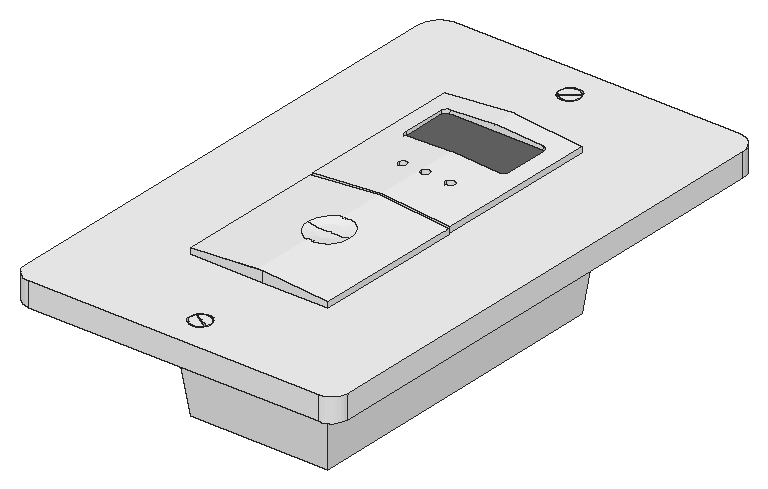
Revit family "1801a_td300", category Communication Devices, host Face, Revit 2021
Family settings
  Host = Face
  Maintain Annotation Orientation = No
  Round Connector Dimension = Use Diameter
  Part Type = Normal
  OmniClass Number = 23.85.80.11.27
  OmniClass Title = Lighting Controls
  Cut with Voids When Loaded = No
  Shared = Yes
  Room Calculation Point = No
Parameters
  Warranty = "5-Years Warranty"  # constant formula
  Type Comments = "POWER PACKS AND RELAYS"  # constant formula
  Power Requirement = "120/230/277VAC; 50/60Hz"  # constant formula
  Product Page URL = ""
  Product Documentation Link = ""
  URL = "https://www.currentlighting.com/nxlightingcontrols"
  Model = "Digital Programmable Timer"  # constant formula
  Manufacturer = " NX Lighting Controls"  # constant formula
  Width = 2.75"
  Features = "Zero Arc Point Switching\r\n• No minimum load requirement\r\n• Adjustable time delay and sensitivity\r\n• Walk test indicator\r\n• Dual 120/277 VAC operation\r\n• UL and cUL listed\r\n• Title 24 compliant\r\n• Five-year limited warranty\r\n• 120-277 Vac"  # constant formula
  Black = Paint - Carbon Black
  Height = 4.50"
  White = Paint -  Matte White
  Description = "With its aesthetically pleasing features, the TD300 combines style with functionality as it provides energy saving control of incandescent and fluorescent lighting, as well as certain motor loads such as fans, hot tub heaters and circulating pumps."  # constant formula
  Default Elevation = 48.00"
  Create Date = ""
  Copyright = "Copyright ©  NX Lighting Controls"  # constant formula
  Contact Us = ""
  Assembly Code = "D5090"
Reference planes (in)
  plane 1 "Center (Front/Back)": y = 13.01342
  plane 2: z = 0
  plane 3 "Center (Left/Right)": x = 0
  plane 4: x = -1.375
  plane 5: x = 1.375
  plane 6: y = 15.26342
  plane 7: y = 10.76342
  plane 8: z = -1.35
  plane 9: z = 0.3
Forms (in)
  Extrusion 1, solid, material "Paint -  Matte White" <- "White"
    sketch origin (0, 0, -0.5) x (1, 0, 0) y (0, 1, 0)
      loop
        arc (-1.17464, 15.26342) -> (-1.31632, 15.20473) -> (-1.375, 15.06306) r 0.20036
        line (-1.375, 15.06306) -> (-1.375, 10.91856)
        arc (-1.375, 10.91856) -> (-1.32956, 10.80886) -> (-1.21986, 10.76342) r 0.15514
        line (-1.21986, 10.76342) -> (1.23768, 10.76342)
        arc (1.23768, 10.76342) -> (1.33478, 10.80364) -> (1.375, 10.90074) r 0.13732
        line (1.375, 10.90074) -> (1.375, 15.08233)
        arc (1.375, 15.08233) -> (1.32196, 15.21038) -> (1.19391, 15.26342) r 0.18109
        line (1.19391, 15.26342) -> (-1.17464, 15.26342)
    from 0.6 to 0.4
  Extrusion 2, solid, material "Paint -  Matte White" <- "White"
    sketch origin (0, 0, 0) x (1, 0, 0) y (0, 1, 0)
      loop
        line (-0.61252, 14.41205) -> (-0.61252, 13.01342) -> (0.55202, 13.01342) -> (0.55202, 14.41205) -> (0, 14.41205) -> (-0.61252, 14.41205)
      loop
        line (-0.61252, 11.71709) -> (0, 11.71709) -> (0.55202, 11.71709) -> (0.55202, 12.99357) -> (-0.61252, 12.99357) -> (-0.61252, 11.71709)
    from 0.23534 to 0.1
  Extrusion 3, void
    sketch origin (0, 13.01342, 0) x (1, 0, 0) y (0, 0, 1)
      loop
        line (-0.80064, 0.50032) -> (-0.80064, 0.11093)
        arc (-0.80064, 0.11093) -> (-0.03604, 0.19217) -> (0.72866, 0.11196) r 3.66183
        line (0.72866, 0.11196) -> (0.72866, 0.50032) -> (-0.80064, 0.50032)
    from 1.29633 to -1.39863
  Extrusion 4, void
    sketch origin (0, 0, 0) x (1, 0, 0) y (0, 1, 0)
      loop
        arc (-0.40971, 14.21637) -> (-0.44238, 14.20284) -> (-0.45591, 14.17017) r 0.04621
        line (-0.45591, 14.17017) -> (-0.45591, 13.7988)
        arc (-0.45591, 13.7988) -> (-0.44279, 13.76711) -> (-0.4111, 13.75399) r 0.04482
        line (-0.4111, 13.75399) -> (0.37259, 13.75399)
        arc (0.37259, 13.75399) -> (0.4043, 13.76712) -> (0.41744, 13.79884) r 0.04485
        line (0.41744, 13.79884) -> (0.41744, 14.17271)
        arc (0.41744, 14.17271) -> (0.40465, 14.20358) -> (0.37378, 14.21637) r 0.04366
        line (0.37378, 14.21637) -> (-0.40971, 14.21637)
      loop
        circle (-0.18077, 13.42635) r 0.036
      loop
        circle (0.01146, 13.42635) r 0.036
      loop
        circle (0.22419, 13.42635) r 0.036
    from 0.2 to 0.14375
  Blend 5, solid, material "Paint -  Matte White" <- "White"
    base sketch origin (0, 0, 0) x (1, 0, 0) y (0, 1, 0)
      loop
        line (-0.73509, 14.56519) -> (-0.73509, 11.56519) -> (0.66835, 11.56519) -> (0.66835, 14.56519) -> (-0.73509, 14.56519)
    top sketch origin (0, 0, 0) x (1, 0, 0) y (0, 1, 0)
      loop
        line (-0.61252, 14.41205) -> (-0.61252, 11.71709) -> (0.55202, 11.71709) -> (0.55202, 14.41205) -> (-0.61252, 14.41205)
    from 0 to -1.12608
  Revolve 6, void
    sketch origin (0, 12.42447, 0) x (1, 0, 0) y (0, 0, 1)
      loop
        line (0, 0.2281) -> (0, 0.17234)
        arc (0, 0.17234) -> (0.15141, 0.18258) -> (0.29617, 0.2281) r 0.64143
        line (0.29617, 0.2281) -> (0, 0.2281)
      axis (0, 0.2281) -> (0, 0.17234)
    angle from 0 to 360
  Extrusion 7, void
    sketch origin (0, 0, 0) x (1, 0, 0) y (0, 1, 0)
      loop
        circle (0.00078, 14.97001) r 0.09159
    from 0.1 to 0.05
  Extrusion 8, solid, material "Paint -  Matte White" <- "White"
    sketch origin (0, 0, 0) x (1, 0, 0) y (0, 1, 0)
      loop
        arc (0.08238, 14.97001) -> (0.07998, 14.98966) -> (0.07292, 15.00815) r 0.08159
        line (0.07292, 15.00815) -> (-0.06159, 14.91742)
        arc (-0.06159, 14.91742) -> (0.02878, 14.89338) -> (0.08238, 14.97001) r 0.08159
      loop
        arc (-0.08081, 14.97001) -> (-0.07792, 14.94849) -> (-0.06946, 14.9285) r 0.08159
        line (-0.06946, 14.9285) -> (0.06559, 15.01959)
        arc (0.06559, 15.01959) -> (-0.02538, 15.0473) -> (-0.08081, 14.97001) r 0.08159
    from 0.1 to 0.05
  Extrusion 9, void
    sketch origin (0, 26.02684, 0) x (1, 0, 0) y (0, 1, 0)
      loop
        circle (0.00078, -14.97001) r 0.09159
    from 0.1 to 0.05
  Extrusion 10, solid, material "Paint -  Matte White" <- "White"
    sketch origin (0, 26.02684, 0) x (1, 0, 0) y (0, 1, 0)
      loop
        arc (0.08238, -14.97001) -> (0.02878, -14.89338) -> (-0.06159, -14.91742) r 0.08159
        line (-0.06159, -14.91742) -> (0.07292, -15.00815)
        arc (0.07292, -15.00815) -> (0.07998, -14.98966) -> (0.08238, -14.97001) r 0.08159
      loop
        arc (-0.08081, -14.97001) -> (-0.02538, -15.0473) -> (0.06559, -15.01959) r 0.08159
        line (0.06559, -15.01959) -> (-0.06946, -14.9285)
        arc (-0.06946, -14.9285) -> (-0.07792, -14.94849) -> (-0.08081, -14.97001) r 0.08159
    from 0.1 to 0.05
Cuts and joins
  Extrusion 3, Revolve 6, Extrusion 7, Extrusion 9 cuts Extrusion 1
  Extrusion 3, Extrusion 4, Revolve 6, Extrusion 9 cuts Extrusion 2
  joined: Extrusion 1, Extrusion 2
  Extrusion 9 cuts Extrusion 8
Dimensions and locks (in)
  plane 2 to plane 8 = 1.35"
  "Width": plane 4 to plane 5
  equal spacing: plane 4, plane 3 "Center (Left/Right)", plane 5
  "Height": plane 7 to plane 6
  equal spacing: plane 7, plane 1 "Center (Front/Back)", plane 6
  plane 9 to plane 8 = 1.65"
  aligned and locked: plane 2 to host face
  aligned and locked: level to host face
Automatic sketch dimensions
  host sketch curve to host sketch curve = 96.00"  (x2)
  Extrusion 1 sketch curve to plane 4 = 0.00"
  plane 7 to Extrusion 1 sketch curve = 0.00"
  plane 6 to Extrusion 1 sketch curve = 0.00"
  Extrusion 1 sketch curve to plane 5 = 0.00"
  plane 4 to Extrusion 1 sketch curve = 0.15514"
  plane 4 to Extrusion 1 sketch curve = 0.20036"
  Extrusion 1 sketch curve to Extrusion 1 sketch curve = 0.18109"
  Extrusion 1 sketch curve to plane 5 = 0.13732"
  plane 1 "Center (Front/Back)" to Extrusion 2 sketch curve = 0.00"
  Extrusion 2 sketch curve to plane 3 "Center (Left/Right)" = 0.00"  (x2)
  Extrusion 2 sketch curve to plane 3 "Center (Left/Right)" = 0.61252"  (x2)
  plane 3 "Center (Left/Right)" to Extrusion 2 sketch curve = 0.55202"
  Extrusion 2 sketch curve to Extrusion 2 sketch curve = 0.00"
  Extrusion 2 sketch curve to Extrusion 2 sketch curve = 0.01985"
  Extrusion 2 sketch curve to plane 7 = 0.95367"
  plane 6 to Extrusion 2 sketch curve = 0.85137"
  level to Extrusion 3 sketch curve = 0.11093"
  plane 4 to Extrusion 3 sketch curve = 0.57436"
  Extrusion 3 sketch curve to plane 3 "Center (Left/Right)" = 0.03357"
  level to Extrusion 3 sketch curve = 0.11196"
  plane 3 "Center (Left/Right)" to Extrusion 3 sketch curve = 0.72866"
  Extrusion 3 sketch curve to plane 9 = 0.20032"
  Extrusion 4 sketch curve to plane 3 "Center (Left/Right)" = 0.45591"
  Extrusion 4 sketch curve to Extrusion 4 sketch curve = 0.04482"
  Extrusion 4 sketch curve to Extrusion 4 sketch curve = 0.04621"
  Extrusion 4 sketch curve to plane 3 "Center (Left/Right)" = 0.18077"
  plane 3 "Center (Left/Right)" to Extrusion 4 sketch curve = 0.01146"
  Extrusion 4 sketch curve to Extrusion 4 sketch curve = 0.21274"
  plane 3 "Center (Left/Right)" to Extrusion 4 sketch curve = 0.37259"
  plane 3 "Center (Left/Right)" to Extrusion 4 sketch curve = 0.37378"
  Extrusion 4 sketch curve to Extrusion 4 sketch curve = 0.04366"
  Extrusion 4 sketch curve to plane 1 "Center (Front/Back)" = 0.41293"
  Extrusion 4 sketch curve to Extrusion 4 sketch curve = 0.00"  (x2)
  Extrusion 4 sketch curve to Extrusion 4 sketch curve = 0.32764"
  Extrusion 4 sketch curve to Extrusion 4 sketch curve = 0.37136"
  plane 4 to Blend 5 sketch curve = 0.63991"
  plane 3 "Center (Left/Right)" to Blend 5 sketch curve = 0.66835"
  Blend 5 sketch curve to plane 7 = 0.80177"
  plane 6 to Blend 5 sketch curve = 0.69823"
  Blend 5 sketch curve to plane 3 "Center (Left/Right)" = 0.61252"
  plane 3 "Center (Left/Right)" to Blend 5 sketch curve = 0.55202"
  Blend 5 sketch curve to plane 7 = 0.95367"
  plane 6 to Blend 5 sketch curve = 0.85137"
  Revolve 6 sketch curve to plane 3 "Center (Left/Right)" = 0.00"  (x2)
  plane 3 "Center (Left/Right)" to Revolve 6 sketch curve = 0.03274"
  plane 9 to Revolve 6 sketch curve = 0.0719"
  plane 3 "Center (Left/Right)" to Revolve 6 sketch curve = 0.29617"
  Revolve 6 sketch curve to Revolve 6 sketch curve = 0.05575"
  Revolve 6 sketch curve to level = 0.17671"
  Revolve 6 sketch curve to plane 9 = 0.16873"
  plane 3 "Center (Left/Right)" to Extrusion 7 sketch curve = 0.00078"
  plane 6 to Extrusion 7 sketch curve = 0.29341"
  Extrusion 8 sketch curve to Extrusion 8 sketch curve = 0.00"  (x12)
  Extrusion 8 sketch curve to plane 3 "Center (Left/Right)" = 0.06946"
  Extrusion 8 sketch curve to Extrusion 8 sketch curve = 0.00786"
  plane 3 "Center (Left/Right)" to Extrusion 8 sketch curve = 0.00078"
  plane 3 "Center (Left/Right)" to Extrusion 8 sketch curve = 0.06559"
  Extrusion 8 sketch curve to Extrusion 8 sketch curve = 0.00733"
  plane 6 to Extrusion 8 sketch curve = 0.346"
  Extrusion 8 sketch curve to Extrusion 8 sketch curve = 0.01108"
  Extrusion 8 sketch curve to Extrusion 8 sketch curve = 0.05259"
  Extrusion 9 sketch curve to plane 3 "Center (Left/Right)" = 0.00078"
  plane 7 to Extrusion 9 sketch curve = 0.29341"
  Extrusion 10 sketch curve to Extrusion 10 sketch curve = 0.00"  (x12)
  plane 3 "Center (Left/Right)" to Extrusion 10 sketch curve = 0.06946"
  Extrusion 10 sketch curve to Extrusion 10 sketch curve = 0.00786"
  Extrusion 10 sketch curve to plane 3 "Center (Left/Right)" = 0.00078"
  Extrusion 10 sketch curve to plane 3 "Center (Left/Right)" = 0.06559"
  Extrusion 10 sketch curve to Extrusion 10 sketch curve = 0.00733"
  plane 7 to Extrusion 10 sketch curve = 0.346"
  Extrusion 10 sketch curve to Extrusion 10 sketch curve = 0.01108"
  Extrusion 10 sketch curve to Extrusion 10 sketch curve = 0.05259"
  radius of Extrusion 4 sketch curve = 0.036"  (x3)
  radius of Extrusion 7 sketch curve = 0.09159"
  radius of Extrusion 9 sketch curve = 0.09159"
Connectors (in)
  electrical at (0.00464, 13.0023, 0.1)
    settings: on cut or joined group of Extrusion 1, Extrusion 2, Extrusion 3, Extrusion 4, Revolve 6, Extrusion 7, Extrusion 9, index 1, voltage 0 V, apparent load 0 VA, apparent load phase1 0 VA, apparent load phase2 0 VA, apparent load phase3 0 VA, power factor 1, load classification "Other", number of poles 1, system type 14, power factor state 1, is connector primary yes, connector utility no, sub classification motor no, connector description "Wall Occupancy Sensors"
